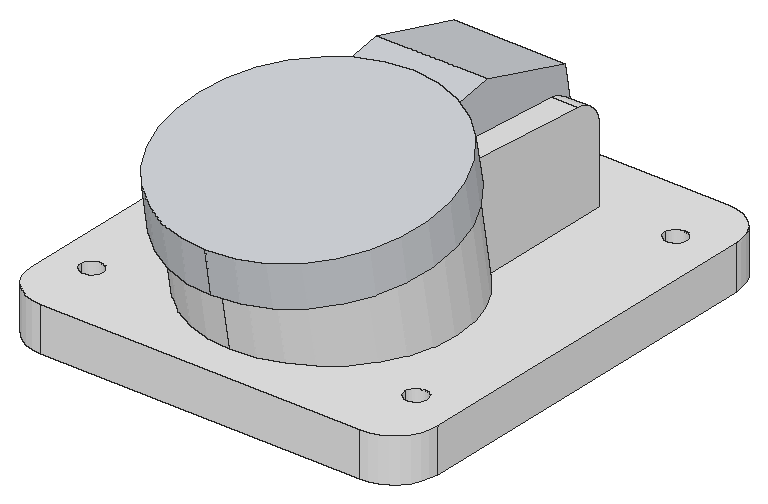
Revit family "Building-IEC309Connections-GEWISS-IEC309HP-10°_FLUSH-MOUNT_SOCKET_FAST_WIRING_16A_IP44-54", category Apparecchi elettrici, host Superficie, Revit 2019
Family settings
  Host = Superficie
  Mantenere orientamento annotazione = Sì
  Quota connettore circolare = Usa diametro
  Tipo di parte = Normale
  Taglio con vuoti quando caricato = No
  Condiviso = Sì
  Punto di calcolo locali = Sì
Parameters (values of type "GW62210FH - 10°FL.S.O. HP IP44 3P+N+E 16A 400V 6H FW")
  simbolo acceso [instance] = yes
  distanza_simbolo [instance] = 1 mm
  distanza dal piano [instance] = 0 mm
  W = 115 mm  # constant formula
  Version file RFA = "21.11"
  URL = "https://www.gewiss.com/ww/en"
  Typology = "10° angled flush-mounting socket-outlet"
  Type of wiring = "Quick, with spring"
  Type of material = "Halogen-free in compliance with EN 60754-2"
  Total number of operations = "-5000"
  Thermo-pressure with ball = "125 °C (active parts) - 80 °C (passive parts)"
  Terminal tightening capacity = "1-2.5mm² flexible cables - 1.5-4mm² rigid cables"
  Technical sheet = "https://www.gewiss.com/ww/en/search?q=GW62210FH"
  Spostamento_effettivo_S [instance] = 4000 mm - Spostamento_S  # 3037.5 mm
  Spostamento_S = 962.5 mm
  Sportello_visibile = yes
  Shock resistance = "IK09"
  SPinotto = Default(2)
  SEO = "Socket outlet"
  Reference h = "6"
  Realized by GEWISS S.p.A. = ""
  Rated voltage = "380-415V"
  Rated current (A) = "16"
  Default Elevation = 1219.2 mm
  Produttore = "GEWISS S.p.A."
  Product in stock = ""
  Piastra = Default(2)
  Permissible overload = "22A"
  Operating temperature: = "-25 +55 °C"
  No. of poles = "3P+N+E"
  Modello = "GW62210FH"
  L = 155 mm  # constant formula
  Insulation resistance = "- 10 M?"
  Immagine tipo = (empty or 0)
  IP degree = "IP44/IP54"
  IDT = "496cd9a799794a91a3def0c370181c46"
  IDF = "09d2cb34-26c5-4305-b8ce-ae062c294e59"
  Glow wire test: = "850 °C (active parts) - 650 °C (passive parts)"
  Frequency = "50/60 Hz"
  Flange dimensions (mm) = "85x75"
  FORMULA = 1000 mm * 1  # 1000 mm
  Electrocod = "2210"
  Description = "10°FL.S.O. HP IP44 3P+N+E 16A 400V 6H FW"
  Corpo centrale = Default(2)
  Colour: = "Red"
  Catalogue = "BUILDING"
  COBie.Tagnumber = ""
  COBie.CreatedOn = ""
  COBie.CreatebBy = ""
  COBie.ComponentRegisterItemID = ""
  COBie.Component.TagNumber = ""
  COBie.Component.Space = ""
  COBie.Component.SerialNumber = ""
  COBie.Component.InstallationDate = ""
  COBie.Component.Description = ""
  COBie.Component.BarCode = ""
  Breaking capacity at 1.1 Un = "20A"
  BLOCCO = "B=C"
Types (9, lengths in mm): name | Technical sheet | Reference h | Rated voltage | No. of poles | Modello | IDT | Description | Colour:
  GW62201FH - 10°FLUSH.S.O. HP IP44 2P+E 16A 110V4H FW | "https://www.gewiss.com/ww/en/search?q=GW62201FH" | "4" | "100-130V" | "2P+E" | "GW62201FH" | "40305200dd45499dabc7487f00195052" | "10°FLUSH.S.O. HP IP44 2P+E 16A 110V4H FW" | "Yellow"
  GW62202FH - 10°FLUSH.S.O. HP IP44 3P+E 16A 110V4H FW | "https://www.gewiss.com/ww/en/search?q=GW62202FH" | "4" | "100-130V" | "3P+E" | "GW62202FH" | "1429900bcf4e46879839c85bcb0ff783" | "10°FLUSH.S.O. HP IP44 3P+E 16A 110V4H FW" | "Yellow"
  GW62203FH - 10°FL.S.O. HP IP44 3P+N+E 16A 110V4H FW | "https://www.gewiss.com/ww/en/search?q=GW62203FH" | "4" | "100-130V" | "3P+N+E" | "GW62203FH" | "000156978ed344668fd06ddf03709110" | "10°FL.S.O. HP IP44 3P+N+E 16A 110V4H FW" | "Yellow"
  GW62205FH - 10°FLUSH.S.O. HP IP44 2P+E 16A 230V6H FW | "https://www.gewiss.com/ww/en/search?q=GW62205FH" | "6" | "200-250V" | "2P+E" | "GW62205FH" | "882b61cdf0bd41ccb485bd261d2b6ec0" | "10°FLUSH.S.O. HP IP44 2P+E 16A 230V6H FW" | "Blue"
  GW62206FH - 10°FL.S.O. HP IP44 3P+E 16A 230V 9H FW | "https://www.gewiss.com/ww/en/search?q=GW62206FH" | "9" | "200-250V" | "3P+E" | "GW62206FH" | "57b309b317364550a8ac42e75d4e7128" | "10°FL.S.O. HP IP44 3P+E 16A 230V 9H FW" | "Blue"
  GW62207FH - 10°FL.S.O. HP IP44 3P+N+E 16A 230V9H FW | "https://www.gewiss.com/ww/en/search?q=GW62207FH" | "9" | "200-250V" | "3P+N+E" | "GW62207FH" | "e861bd43714747e588a9aa417606585d" | "10°FL.S.O. HP IP44 3P+N+E 16A 230V9H FW" | "Blue"
  GW62208FH - 10°FLUSH.S.O. HP IP44 2P+E 16A 400V9H FW | "https://www.gewiss.com/ww/en/search?q=GW62208FH" | "9" | "380-415V" | "2P+E" | "GW62208FH" | "bd49c0406dc94b3b87e3e29dfb4c7944" | "10°FLUSH.S.O. HP IP44 2P+E 16A 400V9H FW" | "Red"
  GW62209FH - 10°FLUSH.S.O. HP IP44 3P+E 16A 400V6H FW | "https://www.gewiss.com/ww/en/search?q=GW62209FH" | "6" | "380-415V" | "3P+E" | "GW62209FH" | "102b9b3ef71d44548e2c55c97fa36b85" | "10°FLUSH.S.O. HP IP44 3P+E 16A 400V6H FW" | "Red"
  GW62210FH - 10°FL.S.O. HP IP44 3P+N+E 16A 400V 6H FW | "https://www.gewiss.com/ww/en/search?q=GW62210FH" | "6" | "380-415V" | "3P+N+E" | "GW62210FH" | "496cd9a799794a91a3def0c370181c46" | "10°FL.S.O. HP IP44 3P+N+E 16A 400V 6H FW" | "Red"
Reference planes
  plane 1 "Centro (Fronte/Retro)": y = 0
  plane 2: z = 0
  plane 3 "Centro (Sinistra/Destra)": x = 0
  plane 4: x = -3000
  plane 5: x = 37.5
  plane 6: z = 0
Dimensions and locks
  plane 4 to plane 3 "Centro (Sinistra/Destra)" = 3000 mm
  "Spostamento_effettivo_S": plane 4 to plane 5
  "distanza dal piano": plane 6 to plane 2
  aligned and locked: plane 2 to host face
  aligned and locked: level to host face
  aligned and locked: plane 3 "Centro (Sinistra/Destra)" to nested 1
  aligned and locked: plane 1 "Centro (Fronte/Retro)" to nested 1
  aligned and locked: nested 2 to plane 5
Automatic sketch dimensions
  host sketch curve to host sketch curve = 2438.4 mm  (x2)
Nested families
  nested 1: "IEC309 PRESE FISSE INCASSO 10' CABLAGGIO RAPIDO 16A IP44-54_BASE" at (0, 0, 0), type "IEC309 PRESE FISSE INCASSO 10' CABLAGGIO RAPIDO 16A IP44-54_BASE"
  nested 2: "GWGW62201FH - SIMBOLO_PRESA" at (37.5, 171.559, 0), visible <- "simbolo acceso", Distanza dal muro <- "distanza_simbolo", type "3P"
    with SIMBOLO ACCESO yes, Distanza dal muro 1 mm
Connectors
  electrical at (37.5, 30, 0)
    settings: on nested 1, index 1, voltage 0 V, apparent load 0 VA, apparent load phase1 0 VA, apparent load phase2 0 VA, apparent load phase3 0 VA, power factor 1, load classification "Altro", number of poles 1, system type 31, power factor state 1, is connector primary yes, connector utility no, sub classification motor no, connector description ""
Definition of nested family "IEC309 PRESE FISSE INCASSO 10' CABLAGGIO RAPIDO 16A IP44-54_BASE"
  Parameters (values of type "IEC309 PRESE FISSE INCASSO 10' CABLAGGIO RAPIDO 16A IP44-54_BASE")
    sp_ghiera = 16 mm
    r3_int = r2 - 3 mm  # 17 mm
    r2 = R1 - 3 mm  # 20 mm
    h = 85 mm  # constant formula
    dis_base = 71 mm
    Sportello = yes
    Spinotto = none
    R1 = 23 mm
    PIASTRA = none
    Lunghezza totale = 140 mm
    CENTRALE = none
    Bsae = 75 mm  # constant formula
  Reference planes
    plane 1 "Centro (Fronte/Retro)": y = 0
    plane 2: z = 0
    plane 3 "Centro (Sinistra/Destra)": x = 0
    plane 4: x = 75
    plane 5: x = 7
    plane 6: y = 13
    plane 7: x = 67
    plane 8: y = 73
    plane 9: y = 85
    plane 10: y = 36.5
    plane 11: x = 37.5
    plane 12: z = 8.057
    plane 13: y = 29
    plane 14: z = 23.239
    plane 15: through (37.5, 29, 1200) normal (-0.766, -0.6428, 0)
    plane 16: through (37.5, 29, 1200) normal (-0.766, 0.6428, 0)
  Forms (mm)
    Extrusion 1, solid, material <- "PIASTRA"
      sketch origin (0, 0, 0) x (1, 0, 0) y (0, 1, 0)
        loop
          arc (8, 85) -> (2.343, 82.657) -> (0, 77) r 8
          line (0, 77) -> (0, 8)
          arc (0, 8) -> (2.343, 2.343) -> (8, 0) r 8
          line (8, 0) -> (67, 0)
          arc (67, 0) -> (72.657, 2.343) -> (75, 8) r 8
          line (75, 8) -> (75, 77)
          arc (75, 77) -> (72.657, 82.657) -> (67, 85) r 8
          line (67, 85) -> (8, 85)
      from 0 to 8.057
    Sweep 2, solid, material <- "PIASTRA"
      path origin (0, 0, 0) x (0, 1, 0) y (0, 0, 1)
        loop
          line (28.063, 23.618) -> (31.416, 5.179)
      profile origin (0, 29.74, 14.398) x (0, 0.983865, 0.17891) y (1, 0, 0)
        loop
          circle (-0.621, 37.5) r 23
        loop
          circle (-0.621, 37.5) r 20
    Extrusion 3, solid, material <- "PIASTRA"
      sketch origin (0, 0, 0) x (1, 0, 0) y (0, 1, 0)
        loop
          spline (47.772, 47.955) -> (48.225, 47.704) -> (48.672, 47.442) -> (49.113, 47.17) -> (49.548, 46.889) -> (49.976, 46.598) -> (50.398, 46.297) -> (50.812, 45.988) -> (51.219, 45.669) -> (51.619, 45.341) -> (52.011, 45.004) -> (52.395, 44.659) -> (52.772, 44.305)
          line (52.772, 44.305) -> (52.772, 73) -> (47.772, 73) -> (47.772, 47.955)
      from 8.057 to 31.758
    Extrusion 4, void
      sketch origin (0, 0, 0) x (0, 1, 0) y (0, 0, 1)
        loop
          line (73, 31.758) -> (44.305, 31.758) -> (44.305, 28.134) -> (68.064, 26.588)
          arc (68.064, 26.588) -> (71.251, 25.281) -> (73, 22.313) r 5.4
          line (73, 22.313) -> (73, 31.758)
      from 47.772 to 52.772
    Extrusion 5, solid, material <- "PIASTRA"
      sketch origin (75, 0, 0) x (-1, 0, 0) y (0, -1, 0)
        loop
          line (47.772, -48.02) -> (47.772, -73) -> (52.772, -73) -> (52.772, -43.697)
          spline (52.772, -43.697) -> (52.406, -44.109) -> (52.03, -44.514) -> (51.645, -44.909) -> (51.249, -45.294) -> (50.845, -45.671) -> (50.431, -46.037) -> (50.009, -46.394) -> (49.577, -46.74) -> (49.138, -47.076) -> (48.69, -47.402) -> (48.235, -47.716) -> (47.772, -48.02)
      from 8.057 to 28.109
    Extrusion 6, void
      sketch origin (75, 0, 0) x (0, 1, 0) y (0, 0, -1)
        loop
          line (73, -31.758) -> (73, -19.567)
          arc (73, -19.567) -> (71.497, -23.176) -> (67.952, -24.825) r 5.4
          line (67.952, -24.825) -> (38, -26.775) -> (38, -31.758) -> (73, -31.758)
      from 39.92 to 54.884
    Sweep 7, void
      path origin (0, 0.625, 0) x (0, 1, 0) y (0, 0, 1)
        loop
          line (18.381, 21.548) -> (20.759, 8.057)
      profile origin (0, 20.195, 14.803) x (0, 0.984809, 0.173644) y (1, 0, 0)
        loop
          circle (-1.772, 37.608) r 5
        loop
          circle (10.516, 29.004) r 5
        loop
          circle (10.516, 45.996) r 5
    Sweep 8, solid, visible <- "Sportello"
      path origin (0, -2.172, -0.205) x (0, 0.999986, 0.005351) y (0, -0.005351, 0.999986)
        loop
          line (29.897, 31.961) -> (31.331, 23.832)
      profile origin (0, 28.292, 27.855) x (0, 0.983865, 0.17891) y (1, 0, 0)
        loop
          circle (-2.622, 37.5) r 24.4
    Extrusion 9, solid, visible <- "Sportello"
      sketch origin (0, 0, -1.562) x (0, 1, 0) y (0, 0, 1)
        loop
          line (46.739, 26.216) -> (68.431, 24.804)
          arc (68.431, 24.804) -> (71.22, 23.59) -> (73.002, 21.123) r 5.761
          arc (73.002, 21.123) -> (73.116, 22.165) -> (73.026, 23.208) r 5.4
          line (73.026, 23.208) -> (71.359, 32.236) -> (53.64, 37.49) -> (45.019, 35.97) -> (46.739, 26.216)
      from 27.228 to 47.772
    Extrusion 10, void
      sketch origin (0, 0, 0) x (1, 0, 0) y (0, 1, 0)
        loop
          circle (7, 73) r 2.072
        loop
          circle (67, 73) r 2.072
        loop
          circle (7, 13) r 2.072
        loop
          circle (67, 13) r 2.072
      from 0 to 8.057
  Cuts and joins
    Sweep 7, Extrusion 10 cuts Extrusion 1
    Sweep 7, Extrusion 10 cuts Sweep 2
    joined: Extrusion 1, Sweep 2
    Extrusion 4, Extrusion 6 cuts Extrusion 3
    Extrusion 6 cuts Extrusion 5
    joined: Sweep 8, Extrusion 9
  Dimensions and locks
    "Bsae": plane 3 "Centro (Sinistra/Destra)" to plane 4
    locked: plane 7 to plane 4 at 8
    "h": plane 1 "Centro (Fronte/Retro)" to plane 9
    equal spacing: plane 1 "Centro (Fronte/Retro)", plane 10, plane 8
    equal spacing: plane 3 "Centro (Sinistra/Destra)", plane 11, plane 4
    locked: plane 5 to plane 7 at 60
    locked: plane 8 to plane 6 at 60
    locked: plane 12 to level at 8.057
    plane 1 "Centro (Fronte/Retro)" to plane 13 = 29 mm
    plane 14 to plane 12 = 15.181 mm
    radius of Extrusion 1 sketch curve = 8 mm  (x4)
    "R1": radius of Sweep 2 sketch curve
    "r2": radius of Sweep 2 sketch curve
    aligned and locked: level to plane 2
    aligned and locked: plane 9 to Extrusion 1
    aligned and locked: Extrusion 1 to plane 3 "Centro (Sinistra/Destra)"
    aligned and locked: plane 1 "Centro (Fronte/Retro)" to Extrusion 1
    aligned and locked: Extrusion 1 to plane 4
    aligned and locked: plane 12 to Extrusion 1
    aligned and locked: Extrusion 3 to plane 12
    aligned and locked: Extrusion 4 sketch curve to Extrusion 3  (x2)
    aligned and locked: Extrusion 4 sketch curve to plane 8
    aligned and locked: Extrusion 4 to Extrusion 3  (x2)
    aligned and locked: plane 5 to Extrusion 10 sketch curve  (x2)
    aligned and locked: plane 8 to Extrusion 10 sketch curve  (x2)
    aligned and locked: plane 7 to Extrusion 10 sketch curve  (x2)
    aligned and locked: plane 6 to Extrusion 10 sketch curve  (x2)
    aligned and locked: Extrusion 1 to Extrusion 10
  Automatic sketch dimensions
    Extrusion 1 sketch curve to plane 3 "Centro (Sinistra/Destra)" = 0 mm
    Extrusion 1 sketch curve to plane 7 = 0 mm
    plane 1 "Centro (Fronte/Retro)" to Extrusion 1 sketch curve = 0 mm
    Extrusion 1 sketch curve to plane 9 = 0 mm
    Extrusion 3 sketch curve to plane 8 = 0 mm
    plane 11 to Extrusion 3 sketch curve = 10.272 mm
    Extrusion 3 sketch curve to Extrusion 3 sketch curve = 5 mm
    plane 10 to Extrusion 3 sketch curve = 11.455 mm
    Extrusion 3 sketch curve to Extrusion 3 sketch curve = 3.65 mm
    Extrusion 3 sketch curve to plane 11 = 0.8 mm
    Extrusion 3 sketch curve to plane 13 = 0.898 mm
    Extrusion 5 sketch curve to plane 8 = 0 mm
    plane 11 to Extrusion 5 sketch curve = 10.272 mm
    Extrusion 5 sketch curve to Extrusion 5 sketch curve = 5 mm
    Extrusion 5 sketch curve to plane 10 = 11.52 mm
    Extrusion 5 sketch curve to Extrusion 5 sketch curve = 4.323 mm
    Extrusion 5 sketch curve to plane 13 = 0.016 mm
    Extrusion 5 sketch curve to plane 11 = 2.244 mm
    Extrusion 6 sketch curve to plane 8 = 0 mm
    Extrusion 6 sketch curve to plane 8 = 5.048 mm
    Extrusion 6 sketch curve to plane 14 = 3.802 mm
    Extrusion 6 sketch curve to plane 8 = 5.398 mm
    plane 10 to Extrusion 6 sketch curve = 1.5 mm
    Extrusion 6 sketch curve to plane 14 = 3.672 mm
    plane 14 to Extrusion 6 sketch curve = 3.536 mm
    Extrusion 6 sketch curve to Extrusion 6 sketch curve = 6.933 mm
    Extrusion 4 sketch curve to plane 14 = 2.04 mm
    Extrusion 4 sketch curve to plane 8 = 5.284 mm
    Extrusion 4 sketch curve to plane 8 = 4.936 mm
    Extrusion 4 sketch curve to plane 14 = 0.925 mm
    Extrusion 4 sketch curve to Extrusion 4 sketch curve = 3.624 mm
    Sweep 7 sketch curve to plane 12 = 0 mm
    Sweep 7 sketch curve to plane 14 = 1.691 mm
    plane 6 to Sweep 7 sketch curve = 6.006 mm
    plane 6 to Sweep 7 sketch curve = 8.384 mm
    profile plane to Sweep 7 sketch curve = 1.772 mm
    Sweep 7 sketch curve to profile plane = 10.516 mm  (x2)
    plane 3 "Centro (Sinistra/Destra)" to Sweep 7 sketch curve = 29.004 mm
    Sweep 7 sketch curve to Sweep 7 sketch curve = 8.604 mm
    Sweep 7 sketch curve to Sweep 7 sketch curve = 8.388 mm
    Sweep 8 sketch curve to plane 13 = 1.446 mm
    plane 14 to Sweep 8 sketch curve = 8.677 mm
    Sweep 8 sketch curve to Sweep 8 sketch curve = 1.433 mm
    Sweep 8 sketch curve to Sweep 8 sketch curve = 8.129 mm
    profile plane to Sweep 8 sketch curve = 2.622 mm
    plane 3 "Centro (Sinistra/Destra)" to Sweep 8 sketch curve = 37.5 mm
    Extrusion 9 sketch curve to Extrusion 9 sketch curve = 1.72 mm
    Extrusion 9 sketch curve to Extrusion 9 sketch curve = 8.621 mm
    Extrusion 9 sketch curve to Extrusion 9 sketch curve = 0.109 mm
    Extrusion 9 sketch curve to plane 8 = 1.641 mm
    Extrusion 9 sketch curve to plane 14 = 2.574 mm
    Extrusion 9 sketch curve to Extrusion 9 sketch curve = 3.125 mm
    plane 14 to Extrusion 9 sketch curve = 7.435 mm
    plane 14 to Extrusion 9 sketch curve = 1.415 mm
    Extrusion 9 sketch curve to Extrusion 9 sketch curve = 0.715 mm
    plane 14 to Extrusion 9 sketch curve = 0.003 mm
    plane 8 to Extrusion 9 sketch curve = 0.002 mm
    plane 8 to Extrusion 9 sketch curve = 0.026 mm
    Extrusion 9 sketch curve to plane 14 = 1.593 mm
    plane 10 to Extrusion 9 sketch curve = 17.14 mm
    Extrusion 9 sketch curve to Extrusion 9 sketch curve = 9.754 mm
    plane 14 to Sweep 2 sketch curve = 0.379 mm
    Sweep 2 sketch curve to plane 13 = 0.937 mm
    plane 13 to Sweep 2 sketch curve = 2.416 mm
    Sweep 2 sketch curve to plane 12 = 2.879 mm
    Sweep 2 sketch curve to Sweep 2 sketch curve = 0 mm  (x2)
    profile plane to Sweep 2 sketch curve = 0.621 mm
    plane 3 "Centro (Sinistra/Destra)" to Sweep 2 sketch curve = 37.5 mm
    radius of Sweep 7 sketch curve = 5 mm  (x3)
    radius of Extrusion 10 sketch curve = 2.072 mm  (x4)
    radius of Sweep 8 sketch curve = 24.4 mm
Definition of nested family "GWGW62201FH - SIMBOLO_PRESA"
  Parameters (values of type "3P")
    SIMBOLO ACCESO [instance] = yes
    Distanza dal muro [instance] = 0 mm
  Reference planes
    plane 1: y = 0
    plane 2: x = 0
  Dimensions and locks
    "Distanza dal muro": plane 1 to nested 1
    aligned and locked: plane 2 to nested 1
  Nested families
    nested 1: "GWGW62201FH - SIMBOLO" at (0, 0, 0), visible <- "SIMBOLO ACCESO", type "3P"
  Definition of nested family "GWGW62201FH - SIMBOLO"
    Parameters (values of type "3P")
      CORNICE SIMBOLO [instance] = yes
      3P = yes
    Reference planes
      plane 1: y = 0
      plane 2: x = 0
    Lines and regions (mm)
      detail lines
        curve 1: circle (-0.314, 0.674, 0) r 0.057 normal (0, 0, 1)
        curve 2: arc (0.346, -0.009, 0) -> (0, 0.337, 0) -> (-0.346, -0.009, 0) r 0.346
        curve 3: line (0, 0.337, 0) -> (0.346, 0.337, 0)
        curve 4: line (0, 3.386, 0) -> (0, 0.337, 0)
        curve 5: line (0, 0.337, 0) -> (-0.314, 0.674, 0)
